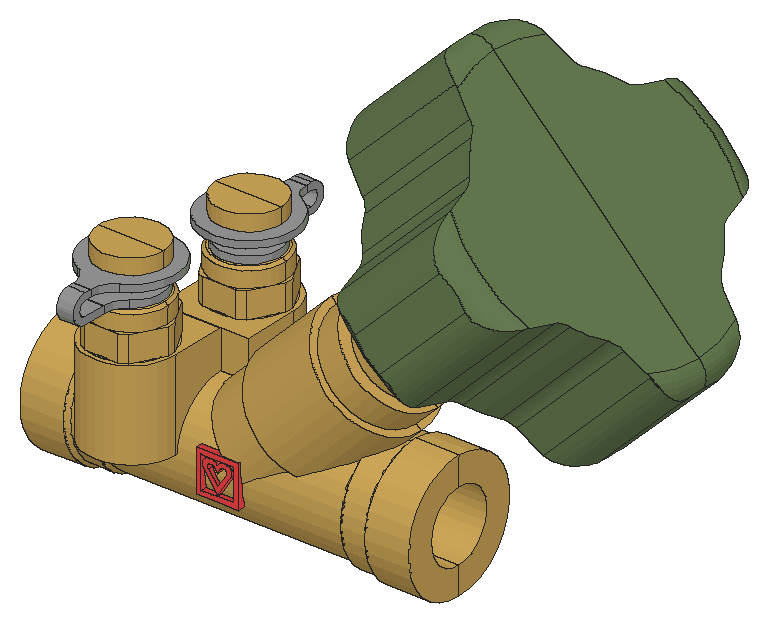
Revit family "HERZ Commissioning Valve With Metering Station For Drinking Water Systems 4017 MW (LF-MF)", category Rohrzubehör, Revit 2018
Family settings
  Bemaßung runder Anschluss = Durchmesser verwenden
  Teiletyp = Unterbricht
  OmniClass-Nummer = 23.65.55.14
  OmniClass-Titel = Valves for Liquid Services
  Arbeitsebenenbasiert = Nein
  Immer vertikal = Ja
  Beim Laden mit Abzugskörper schneiden = Nein
  Gemeinsam genutzt = Nein
Parameters (values of type "LF")
  kvs-value [instance] = if(and(Nennweite = 15.000 mm, LF), 0.46, if(and(Nennweite = 15.000 mm, MF), 0.88, 0))  # 0.46
  kv-value of the orifice [instance] = if(and(Nennweite = 15.000 mm, LF), 0.48, if(and(Nennweite = 15.000 mm, MF), 0.97, 0))  # 0.48
  W01 = 45.00°  # constant formula
  URL = "www.herzvalves.com"
  SW01 = 60.00°  # constant formula
  SCRNSEQ = "FW;SBT_TYP_FW=\"109\";2"
  SCRNCODE = "04;00;02"  # constant formula
  S03 = 60.000 mm  # constant formula
  S02 [instance] = L04 + L06 + L07  # 76.800 mm
  S01 [instance] = D01 * 2  # 27.000 mm
  R03 = 21.500 mm  # constant formula
  R02 = 9.500 mm  # constant formula
  R01 = 12.000 mm  # constant formula
  O-Rings = "EPDM"  # constant formula
  Note = "Pursuant to Article 33 of the REACH Regulation (EC No. 1907/2006), we are obliged to point out that the material lead is listed on the SVHC list and that all brass components manufactured in our products exceed 0.1% (w / w) lead (CAS: 7439-92-1 / EINECS: 231-100-4).\r\nSince lead is a component part of an alloy, actual exposure is not possible and therefore no additional information on safe use is necessary."
  Model = "According to standard BS 7350 PN20 Series B\r\nAngle seat regulating valve made of copper alloy.\r\nAll metal parts in contact with water are made of dezincification-resistant copper alloy.\r\nThe upper parts are equipped with non-rising stem."
  Medium = "Water"  # constant formula
  MF = no
  LF = yes
  L10 [instance] = 28.500 mm  # constant formula
  L09 [instance] = 22.500 mm  # constant formula
  L08 [instance] = 12.700 mm  # constant formula
  L07 [instance] = 35.100 mm  # constant formula
  L06 [instance] = 6.500 mm  # constant formula
  L05 [instance] = 20.200 mm  # constant formula
  L04 [instance] = 35.200 mm  # constant formula
  L03 [instance] = 1.000 mm  # constant formula
  Hand wheel = "plastic, green"  # constant formula
  H03 [instance] = H01 - 19.000 mm  # 1.000 mm
  H02 = 13.000 mm  # constant formula
  E01 [instance] = L00 / -2  # -41.500 mm
  E00 = 0.000 mm  # constant formula
  D09 [instance] = 11.750 mm  # constant formula
  D08 [instance] = 9.500 mm  # constant formula
  D07 [instance] = 12.000 mm  # constant formula
  D06 [instance] = 13.500 mm  # constant formula
  D05 [instance] = 12.500 mm  # constant formula
  D04 [instance] = Nennweite / 2  # 7.500 mm
  IG [instance] = Nennweite / 2  # 7.500 mm
  D03 [instance] = 11.900 mm  # constant formula
  D02 [instance] = 12.700 mm  # constant formula
  D01 [instance] = 13.500 mm  # constant formula
  Nennweite [instance] = 15.000 mm  # constant formula
  Max. differential pressure on closed seat = 1000000.0 Pa  # constant formula
  Max. operating temperature at 10 bar = 85 °C  # constant formula
  Max. operating pressure at 20°C = 2000000.0 Pa  # constant formula
  L02 [instance] = 5.000 mm  # constant formula
  L01 [instance] = 9.250 mm  # constant formula
  L00 [instance] = 83.000 mm  # constant formula
  Hersteller = "HERZ Armaturen Ges.m.b.H."  # constant formula
  H01 [instance] = 20.000 mm  # constant formula
  GT [instance] = 13.200 mm  # constant formula
  DN15 [instance] = Nennweite = 15.000 mm  # yes
  Body = "DZR brass"  # constant formula
  Bestellnummer [instance] = if(and(Nennweite = 15.000 mm, LF), 2401700, if(and(Nennweite = 15.000 mm, MF), 2401709, 0))  # 2401700
  Application = "For shutting off and regulating drinking water systems in buildings or for hydraulic balancing of supply lines."
Types (3, lengths in mm): name | kvs-value | kv-value of the orifice | MF | LF | Bestellnummer
  (no name) | 0.46 | 0.48 | no | yes | 2401700
  LF | 0.46 | 0.48 | no | yes | 2401700
  MF | 0.88 | 0.97 | yes | no | 2401709
Reference planes
  plane 1 "Mitte (Vorne/hinten)": y = 0
  plane 2: z = 0
  plane 3 "Mitte (Links/rechts)": x = 0
Forms (mm)
  Revolve 1, solid, material "Messing, weicher Gelbton, geschweißt", detail levels fine
    sketch origin (470, 0, 0) x (1, 0, 0) y (0, 0, 1)
      loop
        line (-511.5, 7.5) -> (-498.3, 7.5) -> (-498.3, 0) -> (-441.7, 0) -> (-441.7, 7.5) -> (-428.5, 7.5) -> (-428.5, 13.5) -> (-437.75, 13.5) -> (-438.55, 12.7) -> (-443.55, 12.7) -> (-444.35, 11.9) -> (-495.65, 11.9) -> (-496.45, 12.7) -> (-501.45, 12.7) -> (-502.25, 13.5) -> (-511.5, 13.5) -> (-511.5, 7.5)
      axis (-511.5, 0) -> (-428.5, 0)
    angle from 0 to 360
  Revolve 2, solid, material "Messing, weicher Gelbton, geschweißt", detail levels fine
    sketch origin (0.32, 0, -0.105) x (1, 0, 0) y (0, 0, 1)
      loop
        line (-1.32, 0.105) -> (52.986, 54.411) -> (44.677, 62.719) -> (35.697, 53.739) -> (37.288, 52.148) -> (21.449, 36.309) -> (19.681, 38.076) -> (15.085, 33.48) -> (14.024, 34.541) -> (-0.259, 20.257) -> (0.448, 19.55) -> (-7.098, 12.005) -> (-6.623, 5.408) -> (-1.32, 0.105)
      axis (-1.32, 0.105) -> (52.986, 54.411)
    angle from 0 to 360
  Extrusion 3, solid, material "Messing, weicher Gelbton, geschweißt", detail levels fine
    sketch origin (0, 0, 0) x (1, 0, 0) y (0, 1, 0)
      loop
        arc (-28.5, -12) -> (-19, -21.5) -> (-9.5, -12) r 9.5
        line (-9.5, -12) -> (-9.5, 0) -> (-28.5, 0) -> (-28.5, -12)
    from 1 <- "H03" to 20 <- "H01"
  Extrusion 4, solid, material "Messing, weicher Gelbton, geschweißt", detail levels fine
    sketch origin (0, 0, 0) x (1, 0, 0) y (0, 1, 0)
      loop
        line (-22.5, 12) -> (-22.5, 0) -> (-3.5, 0) -> (-3.5, 12)
        arc (-3.5, 12) -> (-13, 21.5) -> (-22.5, 12) r 9.5
    from 0 to 20 <- "H01"
Lines and regions (mm)
  model lines, detail levels coarse+medium
    curve 1: line (-41.5, 0, 13.5) -> (-41.5, 0, -13.5)
    curve 2: line (-41.5, 0, -13.5) -> (41.5, 0, 13.5)
    curve 3: line (41.5, 0, 13.5) -> (41.5, 0, -13.5)
    curve 4: line (41.5, 0, -13.5) -> (-41.5, 0, 13.5)
    curve 5: line (0, 0, 0) -> (38.4, 0, 66.511)
    curve 6: line (12.419, 0, 81.511) -> (64.381, 0, 51.511)
    curve 7: line (-41.5, -13.5, 0) -> (-41.5, 13.5, 0)
    curve 8: line (-41.5, 13.5, 0) -> (41.5, -13.5, 0)
    curve 9: line (41.5, -13.5, 0) -> (41.5, 13.5, 0)
    curve 10: line (41.5, 13.5, 0) -> (-41.5, -13.5, 0)
    curve 11: line (0, 0, 0) -> (38.4, 66.511, 0)
    curve 12: line (12.419, 81.511, 0) -> (64.381, 51.511, 0)
Dimensions and locks
  "L00": Revolve 1 sketch curve to Revolve 1 sketch curve
  equal spacing: Revolve 1 sketch curve, plane 3 "Mitte (Links/rechts)", Revolve 1 sketch curve
  "D01": Revolve 1 sketch curve to Revolve 1 sketch curve  (x2)
  "GT": Revolve 1 sketch curve to Revolve 1 sketch curve  (x2)
  "D06": Revolve 2 sketch curve to Revolve 2 sketch curve
  "D07": Revolve 2 sketch curve to Revolve 2 sketch curve
  "D08": Revolve 2 sketch curve to Revolve 2 sketch curve
  "D09": Revolve 2 sketch curve to Revolve 2 sketch curve
  equal spacing: curve 1, plane 3 "Mitte (Links/rechts)", curve 3
  "L00": curve 1 to curve 3
  equal spacing: curve 4, plane 2, curve 2
  "S01": curve 4 to curve 1
  "S01": curve 3 to curve 4
  equal spacing: curve 3, plane 2, curve 4
  "S02": curve 5 to curve 5
  equal spacing: curve 6, curve 5, curve 6
  "S03": curve 6 to curve 6
  equal spacing: curve 7, plane 3 "Mitte (Links/rechts)", curve 9
  "L00": curve 7 to curve 9
  equal spacing: curve 10, plane 1 "Mitte (Vorne/hinten)", curve 8
  "S01": curve 8 to curve 10
  equal spacing: curve 9, plane 1 "Mitte (Vorne/hinten)", curve 10
  "S01": curve 10 to curve 9
  "S02": curve 11 to curve 11
  equal spacing: curve 12, curve 11, curve 12
  "S03": curve 12 to curve 12
  "L01": Revolve 1 sketch curve to Revolve 1 sketch curve  (x2)
  "D02": Revolve 1 sketch curve to plane 2  (x2)
  "D03": Revolve 1 sketch curve to plane 2
  "IG": Revolve 1 sketch curve to plane 2  (x2)
  "L02": Revolve 1 sketch curve to Revolve 1 sketch curve  (x2)
  "L04": Revolve 2 sketch curve to Revolve 2 sketch curve
  "L05": Revolve 2 sketch curve to Revolve 2 sketch curve
  "D03": Revolve 2 sketch curve to plane 2
  "L06": Revolve 2 sketch curve to Revolve 2 sketch curve
  "L08": Revolve 2 sketch curve to Revolve 2 sketch curve
  "L07": Revolve 2 sketch curve to Revolve 2 sketch curve
  "D04": Revolve 2 sketch curve to Revolve 2 sketch curve
  "D05": Revolve 2 sketch curve to Revolve 2 sketch curve
  "L03": plane 3 "Mitte (Links/rechts)" to Revolve 2 sketch curve  (x2)
  "D03": nested 1 to plane 1 "Mitte (Vorne/hinten)"
  "L09": Revolve 1 to Extrusion 3 sketch curve
  "R01": Extrusion 3 sketch curve to plane 1 "Mitte (Vorne/hinten)"
  "R01": plane 1 "Mitte (Vorne/hinten)" to Extrusion 4 sketch curve
  "L10": Revolve 1 to Extrusion 4 sketch curve
  "H01": nested 3 to plane 2
  "H01": nested 2 to plane 2
  "R01": nested 3 to plane 1 "Mitte (Vorne/hinten)"
  "R01": plane 1 "Mitte (Vorne/hinten)" to nested 2
  "L10": Revolve 1 to nested 2
  "L09": Revolve 1 to nested 3
  "R02": radius of Extrusion 3 sketch curve
  "R02": radius of Extrusion 4 sketch curve
  "W01": angle level to Revolve 2 sketch curve
  "SW01": angle plane 2 to curve 5
  "SW01": angle plane 1 "Mitte (Vorne/hinten)" to curve 11
  "W01": angle Revolve 1 sketch curve to Revolve 1 sketch curve  (x4)
  "W01": angle plane 2 to Revolve 2 sketch curve
  aligned and locked: level to plane 2
Automatic sketch dimensions
  curve 5 to level = 0.000 mm
  plane 1 "Mitte (Vorne/hinten)" to curve 11 = 0.000 mm
  Revolve 1 sketch curve to level = 0.000 mm  (x2)
  Revolve 1 sketch curve to Revolve 1 sketch curve = 791.990 mm
  Revolve 1 sketch curve to Revolve 1 sketch curve = 2278.983 mm
  Revolve 2 sketch curve to level = 0.000 mm  (x2)
  plane 1 "Mitte (Vorne/hinten)" to Extrusion 3 sketch curve = 0.000 mm
  plane 1 "Mitte (Vorne/hinten)" to Extrusion 4 sketch curve = 0.000 mm
Nested families
  nested 1: "Herz-Logo-vorne" at (0, -11.9, 0) x (0, 1, 0) z (0, 0, 1), type "Herz-Logo-vorne", detail levels fine
  nested 2: "Messstutzen_Band_Austritt_senkrecht_(oben)" at (-13, 12, 2.5), type "Messstutzen_Band_Austritt_senkrecht_(oben)"
    with Schutzkappe yes, Nennweite 0.000 mm, Gewicht 0.00 kg, Bestellnummer 0
  nested 3: "Messstutzen_Band_Eintritt_senkrecht_(oben)" at (-19, -12, 2.5) x (-1, 0, 0) z (0, 0, 1), type "Messstutzen_Band_Eintritt_senkrecht_(oben)"
    with Schutzkappe yes, Nennweite 0.000 mm, Gewicht 0.00 kg, Bestellnummer 0
  nested 4: "Strangregulierventil-Handrad (Grün) DN15-DN32" at (53.306, 0, 54.306), visible <- "DN15", type "Strangregulierventil-Handrad (Grün) DN15-DN32"
    with Nennweite 0.000 mm, Gewicht 0.00 kg, Bestellnummer 0
Connectors
  piping at (-28.3, 0, 0), diameter 15, driven by "Nennweite"
    settings: on Revolve 1, index 1, connector inside diameter 609.6 mm, connector length 0.000 mm, flow factor 0, pipe flow 0.0 L/s, pressure drop 0.0 Pa, fitting loss kfactor 0, connector angle 0.00°, fixture units 0, engagement length 0.000 mm, angle of deflection 0.00°, flow configuration 0, flow direction 1, fitting loss method 0, system type 29, joint type 0, gender type 0, connector reference index -1, connector utility 0, adjustable connector no, is connector primary yes, connector description ""
  piping at (28.3, 0, 0), diameter 15, driven by "Nennweite"
    settings: on Revolve 1, index 2, connector inside diameter 609.6 mm, connector length 0.000 mm, flow factor 0, pipe flow 0.0 L/s, pressure drop 0.0 Pa, fitting loss kfactor 0, connector angle 0.00°, fixture units 0, engagement length 0.000 mm, angle of deflection 0.00°, flow configuration 0, flow direction 2, fitting loss method 0, system type 29, joint type 0, gender type 0, connector reference index -1, connector utility 0, adjustable connector no, is connector primary no, connector description ""
Definition of nested family "Herz-Logo-vorne"
  Reference planes
    plane 1 "Mitte (Vorne/hinten)": y = 0
    plane 2: z = 0
    plane 3 "Mitte (Links/rechts)": x = 0
  Forms (mm)
    Extrusion 1, solid
      sketch origin (0.732, -0.018, 0.017) x (0, -1, 0) y (0, 0, 1)
        loop
          line (-0.018, -4.517) -> (4.482, -4.517) -> (4.482, 4.483) -> (-4.518, 4.483) -> (-4.518, -4.517) -> (-0.018, -4.517)
        loop
          line (-0.05, -3.48) -> (3.482, -3.48) -> (3.482, 3.483) -> (-3.518, 3.483) -> (-3.518, -3.48) -> (-0.05, -3.48)
        loop
          arc (-0.018, 2.383) -> (-1.543, 3.287) -> (-3.067, 2.383) r 1.738
          arc (-3.067, 2.383) -> (-3.191, 1.899) -> (-3.067, 1.415) r 1.009
          line (-3.067, 1.415) -> (-0.018, -3.281) -> (3.032, 1.415)
          arc (3.032, 1.415) -> (3.156, 1.899) -> (3.032, 2.383) r 1.009
          arc (3.032, 2.383) -> (1.507, 3.287) -> (-0.018, 2.383) r 1.738
        loop
          arc (1.885, 1.272) -> (2.005, 1.675) -> (1.885, 2.079) r 0.74
          arc (1.885, 2.079) -> (1.265, 2.416) -> (0.644, 2.079) r 0.74
          line (0.644, 2.079) -> (-0.018, 0.97) -> (-0.679, 2.079)
          arc (-0.679, 2.079) -> (-1.3, 2.416) -> (-1.921, 2.079) r 0.74
          arc (-1.921, 2.079) -> (-2.04, 1.675) -> (-1.921, 1.272) r 0.74
          line (-1.921, 1.272) -> (-0.018, -1.658) -> (1.885, 1.272)
      from 0 to 1.5
  Dimensions and locks
    aligned and locked: level to plane 2
Definition of nested family "Messstutzen_Band_Austritt_senkrecht_(oben)"
  Parameters (values of type "Messstutzen_Band_Austritt_senkrecht_(oben)")
    URL = "www.herz-armaturen.at"
    Schutzkappe [instance] = yes
    Nennweite [instance] = 0.000 mm
    Manufacturer = "Herz Armaturen GmbH"  # constant formula
    Gewicht [instance] = 0.00 kg
    Bestellnummer [instance] = 0
  Reference planes
    plane 1 "Mitte (Vorne/hinten)": y = 0
    plane 2: z = 0
    plane 3 "Mitte (Links/rechts)": x = 0
    plane 4 "Schlaufe 1": z = -27
    plane 5 "Schlaufe 2": z = -31.678
  Forms (mm)
    Revolve 1, solid, detail levels fine
      sketch origin (0, 0, 0) x (1, 0, 0) y (0, 0, 1)
        loop
          line (-7.4, 9) -> (-5.55, 9) -> (-5.55, 6)
          arc (-5.55, 6) -> (-5.626, 5.617) -> (-5.843, 5.293) r 1
          line (-5.843, 5.293) -> (-6.455, 4.681) -> (-6.455, 0.9) -> (-5.555, 0) -> (-2, 0) -> (-2, 17.5) -> (-8.4, 17.5)
          arc (-8.4, 17.5) -> (-7.693, 17.207) -> (-7.4, 16.5) r 1
          line (-7.4, 16.5) -> (-7.4, 9)
        loop
          line (-3.7, 27) -> (-7.3, 27) -> (-7.9, 26.4) -> (-7.9, 23) -> (-2, 23) -> (-2, 35.8) -> (-3.805, 35.8) -> (-4.415, 35.19) -> (-4.415, 30.863) -> (-3.7, 30.45) -> (-3.7, 27)
        axis (0, 0) -> (0, 35.8)
      angle from 0 to 360
    Extrusion 2, solid, detail levels fine
      sketch origin (0, 0, 17.5) x (0, 1, 0) y (-1, 0, 0)
        loop
          arc (-7.07, 5.156) -> (-7.578, 4.375) -> (-8, 3.544) r 8.75
          line (-8, 3.544) -> (-8, -3.544)
          arc (-8, -3.544) -> (-7.578, -4.375) -> (-7.07, -5.156) r 8.75
          line (-7.07, -5.156) -> (-0.93, -8.7)
          arc (-0.93, -8.7) -> (0, -8.75) -> (0.93, -8.7) r 8.75
          line (0.93, -8.7) -> (7.07, -5.156)
          arc (7.07, -5.156) -> (7.578, -4.375) -> (8, -3.544) r 8.75
          line (8, -3.544) -> (8, 3.544)
          arc (8, 3.544) -> (7.578, 4.375) -> (7.07, 5.156) r 8.75
          line (7.07, 5.156) -> (0.93, 8.7)
          arc (0.93, 8.7) -> (0, 8.75) -> (-0.93, 8.7) r 8.75
          line (-0.93, 8.7) -> (-7.07, 5.156)
      from 0 to 5.5
    Revolve 3, solid, visible <- "Schutzkappe", detail levels fine
      sketch origin (0, 0, 0) x (1, 0, 0) y (0, 0, 1)
        loop
          line (0, 35.878) -> (0, 36.678) -> (-7, 36.678) -> (-7, 33.378) -> (-6.1, 33.378) -> (-6.1, 31.678) -> (-6.9, 31.678) -> (-6.9, 30.178) -> (-4.415, 30.178) -> (-4.415, 35.268) -> (-3.805, 35.878) -> (0, 35.878)
        axis (0, 30.178) -> (0, 36.678)
      angle from 0 to 360
    Extrusion 4, solid, detail levels fine
      sketch origin (0, 0, 28.5) x (1, 0, 0) y (0, 1, 0)
        loop
          circle (0, 0) r 3.7
        loop
          arc (-3.906, 5.505) -> (0, -6.75) -> (3.906, 5.505) r 6.75
          arc (3.906, 5.505) -> (2.358, 7.288) -> (1.8, 9.582) r 5
          line (1.8, 9.582) -> (-1.8, 9.582)
          arc (-1.8, 9.582) -> (-2.358, 7.288) -> (-3.906, 5.505) r 5
      from 0 to -1.5
    Extrusion 5, solid, detail levels fine
      sketch origin (0, 0, 33.178) x (1, 0, 0) y (0, 1, 0)
        loop
          circle (0, 0) r 6.1
        loop
          arc (-4.495, 8.652) -> (0, -9.75) -> (4.495, 8.652) r 9.75
          arc (4.495, 8.652) -> (2.527, 10.493) -> (1.8, 13.089) r 5
          line (1.8, 13.089) -> (-1.8, 13.089)
          arc (-1.8, 13.089) -> (-2.527, 10.493) -> (-4.495, 8.652) r 5
      from 0 to -1.5
    Sweep 6, solid, detail levels fine
      path origin (0, 0, 0) x (0, 0, -1) y (0, -1, 0)
        loop
          line (-27.75, -9.582) -> (-27.75, -14.522)
          arc (-27.75, -14.522) -> (-30.089, -16.862) -> (-32.428, -14.522) r 2.339
          line (-32.428, -14.522) -> (-32.428, -13.089)
      profile origin (0, 12.052, 27.75) x (0, 0, 1) y (1, 0, 0)
        loop
          line (-0.75, -1.8) -> (0.75, -1.8) -> (0.75, 1.8) -> (-0.75, 1.8) -> (-0.75, -1.8)
  Dimensions and locks
    aligned and locked: level to plane 2
Definition of nested family "Messstutzen_Band_Eintritt_senkrecht_(oben)"
  Parameters (values of type "Messstutzen_Band_Eintritt_senkrecht_(oben)")
    URL = "www.herz-armaturen.at"
    Schutzkappe [instance] = yes
    Nennweite [instance] = 0.000 mm
    Manufacturer = "Herz Armaturen GmbH"  # constant formula
    Gewicht [instance] = 0.00 kg
    Bestellnummer [instance] = 0
  Reference planes
    plane 1 "Mitte (Vorne/hinten)": y = 0
    plane 2: z = 0
    plane 3 "Mitte (Links/rechts)": x = 0
    plane 4 "Schlaufe 1": z = -27
    plane 5 "Schlaufe 2": z = -31.678
  Forms (mm)
    Revolve 1, solid, detail levels fine
      sketch origin (0, 0, 0) x (1, 0, 0) y (0, 0, 1)
        loop
          line (-7.4, 9) -> (-5.55, 9) -> (-5.55, 6)
          arc (-5.55, 6) -> (-5.626, 5.617) -> (-5.843, 5.293) r 1
          line (-5.843, 5.293) -> (-6.455, 4.681) -> (-6.455, 0.9) -> (-5.555, 0) -> (-2, 0) -> (-2, 17.5) -> (-8.4, 17.5)
          arc (-8.4, 17.5) -> (-7.693, 17.207) -> (-7.4, 16.5) r 1
          line (-7.4, 16.5) -> (-7.4, 9)
        loop
          line (-3.7, 27) -> (-7.3, 27) -> (-7.9, 26.4) -> (-7.9, 23) -> (-2, 23) -> (-2, 35.8) -> (-3.805, 35.8) -> (-4.415, 35.19) -> (-4.415, 30.863) -> (-3.7, 30.45) -> (-3.7, 27)
        axis (0, 0) -> (0, 35.8)
      angle from 0 to 360
    Extrusion 2, solid, detail levels fine
      sketch origin (0, 0, 17.5) x (0, 1, 0) y (-1, 0, 0)
        loop
          arc (-7.07, 5.156) -> (-7.578, 4.375) -> (-8, 3.544) r 8.75
          line (-8, 3.544) -> (-8, -3.544)
          arc (-8, -3.544) -> (-7.578, -4.375) -> (-7.07, -5.156) r 8.75
          line (-7.07, -5.156) -> (-0.93, -8.7)
          arc (-0.93, -8.7) -> (0, -8.75) -> (0.93, -8.7) r 8.75
          line (0.93, -8.7) -> (7.07, -5.156)
          arc (7.07, -5.156) -> (7.578, -4.375) -> (8, -3.544) r 8.75
          line (8, -3.544) -> (8, 3.544)
          arc (8, 3.544) -> (7.578, 4.375) -> (7.07, 5.156) r 8.75
          line (7.07, 5.156) -> (0.93, 8.7)
          arc (0.93, 8.7) -> (0, 8.75) -> (-0.93, 8.7) r 8.75
          line (-0.93, 8.7) -> (-7.07, 5.156)
      from 0 to 5.5
    Revolve 3, solid, visible <- "Schutzkappe", detail levels fine
      sketch origin (0, 0, 0) x (1, 0, 0) y (0, 0, 1)
        loop
          line (0, 35.878) -> (0, 36.678) -> (-7, 36.678) -> (-7, 33.378) -> (-6.1, 33.378) -> (-6.1, 31.678) -> (-6.9, 31.678) -> (-6.9, 30.178) -> (-4.415, 30.178) -> (-4.415, 35.268) -> (-3.805, 35.878) -> (0, 35.878)
        axis (0, 30.178) -> (0, 36.678)
      angle from 0 to 360
    Extrusion 4, solid, detail levels fine
      sketch origin (0, 0, 28.5) x (1, 0, 0) y (0, 1, 0)
        loop
          circle (0, 0) r 3.7
        loop
          arc (-3.906, 5.505) -> (0, -6.75) -> (3.906, 5.505) r 6.75
          arc (3.906, 5.505) -> (2.358, 7.288) -> (1.8, 9.582) r 5
          line (1.8, 9.582) -> (-1.8, 9.582)
          arc (-1.8, 9.582) -> (-2.358, 7.288) -> (-3.906, 5.505) r 5
      from 0 to -1.5
    Extrusion 5, solid, detail levels fine
      sketch origin (0, 0, 33.178) x (1, 0, 0) y (0, 1, 0)
        loop
          circle (0, 0) r 6.1
        loop
          arc (-4.495, 8.652) -> (0, -9.75) -> (4.495, 8.652) r 9.75
          arc (4.495, 8.652) -> (2.527, 10.493) -> (1.8, 13.089) r 5
          line (1.8, 13.089) -> (-1.8, 13.089)
          arc (-1.8, 13.089) -> (-2.527, 10.493) -> (-4.495, 8.652) r 5
      from 0 to -1.5
    Sweep 6, solid, detail levels fine
      path origin (0, 0, 0) x (0, 0, -1) y (0, -1, 0)
        loop
          line (-27.75, -9.582) -> (-27.75, -14.522)
          arc (-27.75, -14.522) -> (-30.089, -16.862) -> (-32.428, -14.522) r 2.339
          line (-32.428, -14.522) -> (-32.428, -13.089)
      profile origin (0, 12.052, 27.75) x (0, 0, 1) y (1, 0, 0)
        loop
          line (-0.75, -1.8) -> (0.75, -1.8) -> (0.75, 1.8) -> (-0.75, 1.8) -> (-0.75, -1.8)
  Dimensions and locks
    aligned and locked: level to plane 2
Definition of nested family "Strangregulierventil-Handrad (Grün) DN15-DN32"
  Parameters (values of type "Strangregulierventil-Handrad (Grün) DN15-DN32")
    URL = "www.herz-armaturen.at"
    Nennweite [instance] = 0.000 mm
    Manufacturer = "Herz Armaturen GmbH"  # constant formula
    Gewicht [instance] = 0.00 kg
    Bestellnummer [instance] = 0
  Reference planes
    plane 1 "Mitte (Vorne/hinten)": y = 0
    plane 2: z = 0
    plane 3 "Mitte (Links/rechts)": x = 0
  Forms (mm)
    Revolve 1, solid, detail levels fine
      sketch origin (0, 0, 0) x (0.707107, 0, -0.707107) y (0.707107, 0, 0.707107)
        loop
          line (0, 0) -> (0, 24.95) -> (-30.992, 24.95)
          arc (-30.992, 24.95) -> (-34.37, 23.636) -> (-35.973, 20.386) r 5
          line (-35.973, 20.386) -> (-37, 8.65) -> (-35.986, -2.936)
          arc (-35.986, -2.936) -> (-34.383, -6.186) -> (-31.005, -7.5) r 5
          line (-31.005, -7.5) -> (-15, -7.5) -> (-15, 0) -> (0, 0)
        axis (0, 24.95) -> (0, -7.5)
      angle from 0 to 360
    Extrusion 2, void
      sketch origin (14.354, 0, 14.354) x (0.707107, 0, -0.707107) y (0, 1, 0)
        loop
          line (3.861, 35.5) -> (-3.861, 35.5)
          arc (-3.861, 35.5) -> (-8.731, 33.847) -> (-11.589, 29.571) r 8
          line (-11.589, 29.571) -> (-13.284, 23.245)
          arc (-13.284, 23.245) -> (-13.982, 21.722) -> (-15.144, 20.516) r 5
          arc (-15.144, 20.516) -> (-18.031, 18.031) -> (-20.516, 15.144) r 25.5
          arc (-20.516, 15.144) -> (-21.722, 13.982) -> (-23.245, 13.284) r 5
          line (-23.245, 13.284) -> (-29.571, 11.589)
          arc (-29.571, 11.589) -> (-33.847, 8.731) -> (-35.5, 3.861) r 8
          line (-35.5, 3.861) -> (-35.5, -3.861)
          arc (-35.5, -3.861) -> (-33.847, -8.731) -> (-29.571, -11.589) r 8
          line (-29.571, -11.589) -> (-23.245, -13.284)
          arc (-23.245, -13.284) -> (-21.722, -13.982) -> (-20.516, -15.144) r 5
          arc (-20.516, -15.144) -> (-18.031, -18.031) -> (-15.144, -20.516) r 25.5
          arc (-15.144, -20.516) -> (-13.982, -21.722) -> (-13.284, -23.245) r 5
          line (-13.284, -23.245) -> (-11.589, -29.571)
          arc (-11.589, -29.571) -> (-8.731, -33.847) -> (-3.861, -35.5) r 8
          line (-3.861, -35.5) -> (3.861, -35.5)
          arc (3.861, -35.5) -> (8.731, -33.847) -> (11.589, -29.571) r 8
          line (11.589, -29.571) -> (13.284, -23.245)
          arc (13.284, -23.245) -> (13.982, -21.722) -> (15.144, -20.516) r 5
          arc (15.144, -20.516) -> (18.031, -18.031) -> (20.516, -15.144) r 25.5
          arc (20.516, -15.144) -> (21.722, -13.982) -> (23.245, -13.284) r 5
          line (23.245, -13.284) -> (29.571, -11.589)
          arc (29.571, -11.589) -> (33.847, -8.731) -> (35.5, -3.861) r 8
          line (35.5, -3.861) -> (35.5, 3.861)
          arc (35.5, 3.861) -> (33.847, 8.731) -> (29.571, 11.589) r 8
          line (29.571, 11.589) -> (23.245, 13.284)
          arc (23.245, 13.284) -> (21.722, 13.982) -> (20.516, 15.144) r 5
          arc (20.516, 15.144) -> (18.031, 18.031) -> (15.144, 20.516) r 25.5
          arc (15.144, 20.516) -> (13.982, 21.722) -> (13.284, 23.245) r 5
          line (13.284, 23.245) -> (11.589, 29.571)
          arc (11.589, 29.571) -> (8.731, 33.847) -> (3.861, 35.5) r 8
        loop
          circle (0, 0) r 38
      from -31.266 to 7.923
  Cuts and joins
    Extrusion 2 cuts Revolve 1
  Dimensions and locks
    Revolve 1 sketch curve to Revolve 1 sketch curve = 15.000 mm
    Revolve 1 sketch curve to Revolve 1 sketch curve = 16.150 mm
    Revolve 1 sketch curve to Revolve 1 sketch curve = 16.300 mm
    angle Revolve 1 sketch curve to Revolve 1 sketch curve = 95.00°
    aligned and locked: level to plane 2
